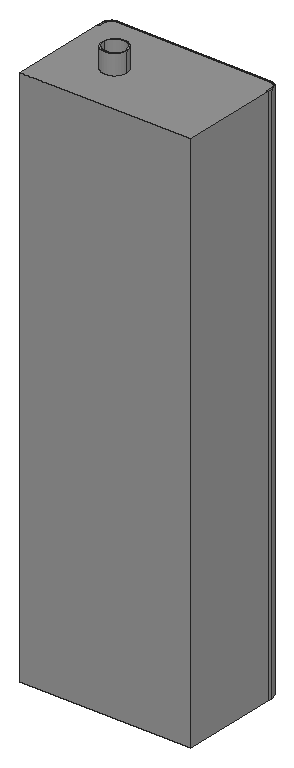
Revit family "ЭВАН WARMOS START 3-14 кВт", category Оборудование, Revit 2019
Family settings
  Размер круглого соединителя = Использовать диаметр
  Классификация = Нет
  Тип детали = Нормальный
  На основе рабочей плоскости = Да
  Всегда вертикально = Да
  При загрузке вырезать с полостями = Нет
  Общий = Нет
  Точка расчета площади = Нет
Parameters (values of type "ЭВАН WARMOS START 9 кВт 380 В")
  Сечение жилы кабеля [instance] = 0.00 m²
  Резьба патрубков для подключения трубопроводов теплоносителя = "G1"  # constant formula
  Потребляемая электрическая мощность при максимальной тепловой мощность  в час, кВт/ч = 9.45
  Default Elevation = 0 mm
  Сила тока [instance] = 20 A
  Материал корпуса = Сталь
  Максимальная температура теплоносителя, оС = "+85"  # constant formula
  Объем колбы котла, л = "1,4"  # constant formula
  Диапазон регулируемых температур теплоносителя, оС = "От +30 до +85"  # constant formula
  Минимальная температура теплоносителя, оС = "+30"  # constant formula
  Рабочее давление, МПа = "0,07-0,3"  # constant formula
  База = "ЭЛЕКТРИЧЕСКИЙ ТЕПЛОГЕНЕРАТОР (КОТЕЛ)"  # constant formula
  URL = ""
  Dn = 25 mm  # constant formula
  ADSK_Расход теплоносителя = 0.0 m³/h
  ADSK_Размер_Ширина = 118 mm  # constant formula
  ADSK_Размер_Длина = 200 mm  # constant formula
  ADSK_Размер_Высота = 590 mm  # constant formula
  ADSK_Примечание [instance] = ""
  ADSK_Полная мощность [instance] = 9 kW
  ADSK_Позиция [instance] = ""
  ADSK_Номинальная мощность = 9000 W
  ADSK_Напряжение [instance] = 380 V
  ADSK_Наименование [instance] = "Электрический теплогенератор (котел) ЭВАН WARMOS START 9 кВт"
  ADSK_Материал = Сталь
  ADSK_Масса_Текст [instance] = "0"
  ADSK_Марка [instance] = ""
  ADSK_Коэффициент мощности [instance] = 1
  ADSK_Количество фаз = 3
  ADSK_Код изделия [instance] = ""
  ADSK_Классификация нагрузок = Прочее
  ADSK_Завод-изготовитель [instance] = "ООО \"ЭВАН\""
  ADSK_Единица измерения [instance] = "шт."  # constant formula
Types (8, lengths in mm): name | Потребляемая электрическая мощность при максимальной тепловой мощность  в час, кВт/ч | Сила тока | ADSK_Полная мощность | ADSK_Номинальная мощность | ADSK_Напряжение | ADSK_Наименование | ADSK_Количество фаз
  ЭВАН WARMOS START 3 кВт | 3.15 | 20 A | 3 kW | 3000 W | 220 V | "Электрический теплогенератор (котел) ЭВАН WARMOS START 3 кВт" | 1
  ЭВАН WARMOS START 5 кВт | 5.25 | 32 A | 5 kW | 5000 W | 220 V | "Электрический теплогенератор (котел) ЭВАН WARMOS START 5 кВт" | 1
  ЭВАН WARMOS START 7 кВт 380 В | 7.35 | 16 A | 7 kW | 7000 W | 380 V | "Электрический теплогенератор (котел) ЭВАН WARMOS START 7 кВт" | 3
  ЭВАН WARMOS START 7 кВт 220 В | 7.35 | 40 A | 7 kW | 7000 W | 220 V | "Электрический теплогенератор (котел) ЭВАН WARMOS START 7 кВт" | 1
  ЭВАН WARMOS START 9 кВт 380 В | 9.45 | 20 A | 9 kW | 9000 W | 380 V | "Электрический теплогенератор (котел) ЭВАН WARMOS START 9 кВт" | 3
  ЭВАН WARMOS START 9 кВт 220 В | 9.45 | 63 A | 9 kW | 9000 W | 220 V | "Электрический теплогенератор (котел) ЭВАН WARMOS START 9 кВт" | 1
  ЭВАН WARMOS START 12 кВт | 12.6 | 25 A | 12 kW | 12000 W | 380 V | "Электрический теплогенератор (котел) ЭВАН WARMOS START 12 кВт" | 3
  ЭВАН WARMOS START 14 кВт | 14.7 | 32 A | 14 kW | 14000 W | 380 V | "Электрический теплогенератор (котел) ЭВАН WARMOS START 14 кВт" | 3
Reference planes
  plane 1 "По центру (Вперед/Назад)": y = 0
  plane 2: z = 3
  plane 3 "По центру (Влево/Вправо)": x = -104.5
  plane 4: x = -191
  plane 5: x = -14
  plane 6: y = 118
  plane 7: z = 570
  plane 8: y = 93
  plane 9: y = 116
  plane 10: y = 156
  plane 11: z = 28
  plane 12: x = -190
  plane 13: x = -15
  plane 14: z = 569
  plane 15: x = -136
  plane 16: x = -15
  plane 17: z = 565.5
  plane 18: z = 299
  plane 19: z = 53.5
  plane 20: z = 18
  plane 21: x = -66
  plane 22: z = 118.5
  plane 23: y = 117
  plane 24: z = 110
  plane 25: y = 54
Forms (mm)
  Extrusion 1, solid, material "Сталь" <- "ADSK_Материал", detail levels medium+fine
    sketch origin (0, 0, 3) x (1, 0, 0) y (0, 1, 0)
      loop
        line (-191, 101) -> (-191, 0) -> (-14, 0) -> (-14, 101) -> (-15, 101) -> (-15, 107.695)
        arc (-15, 107.695) -> (-17.636, 112.364) -> (-22.305, 115) r 10
        line (-22.305, 115) -> (-182.695, 115)
        arc (-182.695, 115) -> (-187.364, 112.364) -> (-190, 107.695) r 10
        line (-190, 107.695) -> (-190, 101) -> (-191, 101)
    from 0 to 567
  Extrusion 2, solid, material "Сталь" <- "ADSK_Материал", detail levels medium+fine
    sketch origin (0, 0, 3) x (1, 0, 0) y (0, 1, 0)
      loop
        arc (-14, 106) -> (-16.929, 113.071) -> (-24, 116) r 10
        line (-24, 116) -> (-181, 116)
        arc (-181, 116) -> (-188.071, 113.071) -> (-191, 106) r 10
        line (-191, 106) -> (-191, 101) -> (-190, 101) -> (-190, 107.695)
        arc (-190, 107.695) -> (-187.364, 112.364) -> (-182.695, 115) r 10
        line (-182.695, 115) -> (-22.305, 115)
        arc (-22.305, 115) -> (-17.636, 112.364) -> (-15, 107.695) r 10
        line (-15, 107.695) -> (-15, 101) -> (-14, 101) -> (-14, 106)
    from 0 to 567
  Extrusion 3, void
    sketch origin (-29, 0, 0) x (1, 0, 0) y (0, 0, 1)
      loop
        circle (-6.5, 556) r 6
      loop
        circle (-136.5, 556) r 6
    from 2 to 0
  Extrusion 4, solid, material "Латунь", detail levels medium+fine
    sketch origin (-214, -23, 87.128) x (0, 0, -1) y (0, 1, 0)
      loop
        circle (-22.872, 77) r 11.5
      loop
        circle (-22.872, 77) r 12.495
    from 0 to 23
  Extrusion 5, solid, material "Никель", detail levels medium+fine
    sketch origin (121, -82.5, 3) x (1, 0, 0) y (0, 1, 0)
      loop
        circle (-170, 126) r 10
    from -2.777 to 0
  Extrusion 6, solid, material "Сталь" <- "ADSK_Материал", detail levels medium+fine
    sketch origin (0, 0, 130) x (1, 0, 0) y (0, 0, 1)
      loop
        line (-89.21, 195.792) -> (-89.21, 118.5) -> (-39.895, 118.5) -> (-39.895, 195.792) -> (-89.21, 195.792)
    from -117 to -116
  Extrusion 7, solid, material "Латунь", detail levels medium+fine
    sketch origin (-47, -23, 552.008) x (-1, 0, 0) y (0, -1, 0)
      loop
        circle (89, -77) r 11.5
      loop
        circle (89, -77) r 12.547
    from 17.992 to 38
  Extrusion 8, solid, material "Сталь" <- "ADSK_Материал", detail levels medium+fine
    sketch origin (0, 0, 115) x (1, 0, 0) y (0, 0, 1)
      loop
        line (-59.895, 153.339) -> (-59.895, 140.792) -> (-49.895, 140.792) -> (-49.895, 153.339) -> (-59.895, 153.339)
      loop
        line (-69.21, 153.339) -> (-79.21, 153.339) -> (-79.21, 140.792) -> (-69.21, 140.792) -> (-69.21, 153.339)
      loop
        circle (-64.552, 187.042) r 10
    from -118 to -117
Lines and regions (mm)
  symbolic lines
    curve 1: line (-60, 0, 18) -> (-60, 0, -27)
    curve 2: line (-132, 0, 53.5) -> (-132, 0, -27)
Dimensions and locks
  "ADSK_Размер_Длина": Extrusion 4 to plane 5
  "ADSK_Размер_Ширина": plane 6 to plane 1 "По центру (Вперед/Назад)"  (x2)
  plane 7 to Extrusion 5 = 569.777 mm
  locked: plane 6 to plane 8 at 25
  locked: plane 6 to plane 9 at 2
  plane 1 "По центру (Вперед/Назад)" to plane 10 = 156 mm
  plane 11 to plane 2 = 25 mm
  plane 13 to plane 5 = 1 mm
  plane 4 to plane 12 = 1 mm
  plane 7 to plane 14 = 1 mm
  Extrusion 4 to plane 15 = 78 mm
  equal spacing: plane 11, plane 18, plane 7
  locked: plane 2 to plane 11 at 25
  plane 10 to plane 1 "По центру (Вперед/Назад)" = 156 mm
  locked: plane 20 to plane 11 at 10
  plane 4 to plane 15 to plane 5 = 55 mm, 122 mm
  plane 5 to plane 4 = 177 mm  (x2)
  Extrusion 3 sketch curve to Extrusion 3 sketch curve = 130 mm
  Extrusion 7 to Extrusion 5 = 589.784 mm
  plane 16 to plane 4 = 176 mm
  plane 5 to Extrusion 4 = 200 mm
  Extrusion 5 to Extrusion 2 = 569.777 mm
  plane 6 to plane 1 "По центру (Вперед/Назад)" = 118 mm
  plane 25 to plane 1 "По центру (Вперед/Назад)" = 54 mm
  plane 24 to level = 107 mm
  Extrusion 1 to plane 15 = 55 mm
  diameter of Extrusion 4 sketch curve = 23 mm
  diameter of Extrusion 5 sketch curve = 20 mm
  diameter of Extrusion 7 sketch curve = 23 mm
  aligned and locked: level to plane 2
  aligned and locked: plane 4 to Extrusion 1 sketch curve
  aligned and locked: Extrusion 1 sketch curve to plane 1 "По центру (Вперед/Назад)"
  aligned and locked: Extrusion 1 sketch curve to plane 5
  aligned and locked: plane 7 to Extrusion 1
  aligned and locked: Extrusion 2 sketch curve to plane 5
  aligned and locked: Extrusion 2 sketch curve to plane 4
  aligned and locked: Extrusion 2 sketch curve to plane 9
  aligned and locked: plane 1 "По центру (Вперед/Назад)" to Extrusion 3
  aligned and locked: Extrusion 6 to plane 9
Automatic sketch dimensions
  curve 2 to plane 19 = 0 mm
  curve 1 to plane 20 = 0 mm
  curve 2 to plane 15 = 4 mm
  plane 21 to curve 1 = 6 mm
  curve 2 to level = 30 mm
  curve 1 to level = 30 mm
  Extrusion 1 sketch curve to plane 12 = 0 mm
  Extrusion 1 sketch curve to plane 13 = 0 mm
  Extrusion 1 sketch curve to plane 9 = 1 mm
  plane 12 to Extrusion 1 sketch curve = 7.305 mm
  plane 12 to Extrusion 1 sketch curve = 9.707 mm
  Extrusion 1 sketch curve to plane 13 = 9.707 mm
  Extrusion 1 sketch curve to plane 13 = 7.305 mm
  plane 8 to Extrusion 1 sketch curve = 8 mm  (x2)
  Extrusion 1 sketch curve to Extrusion 1 sketch curve = 9.707 mm  (x2)
  Extrusion 2 sketch curve to plane 12 = 0 mm
  Extrusion 2 sketch curve to plane 13 = 0 mm
  Extrusion 2 sketch curve to plane 9 = 1 mm
  plane 12 to Extrusion 2 sketch curve = 7.305 mm
  Extrusion 2 sketch curve to Extrusion 2 sketch curve = 1.695 mm  (x2)
  Extrusion 2 sketch curve to Extrusion 2 sketch curve = 0.707 mm  (x3)
  Extrusion 2 sketch curve to plane 13 = 9.707 mm
  Extrusion 2 sketch curve to plane 13 = 9 mm
  Extrusion 2 sketch curve to Extrusion 2 sketch curve = 5 mm  (x2)
  Extrusion 3 sketch curve to plane 17 = 9.5 mm  (x2)
  plane 12 to Extrusion 3 sketch curve = 24.5 mm
  Extrusion 3 sketch curve to plane 13 = 20.5 mm
  Extrusion 4 sketch curve to Extrusion 4 sketch curve = 0 mm  (x2)
  Extrusion 4 sketch curve to plane 24 = 0 mm
  plane 25 to Extrusion 4 sketch curve = 0 mm
  plane 21 to Extrusion 5 sketch curve = 17 mm
  Extrusion 5 sketch curve to plane 25 = 10.5 mm
  plane 3 "По центру (Влево/Вправо)" to Extrusion 6 sketch curve = 15.29 mm
  Extrusion 6 sketch curve to plane 13 = 24.895 mm
  Extrusion 6 sketch curve to plane 18 = 50.5 mm
  plane 18 to Extrusion 6 sketch curve = 26.792 mm
  Extrusion 7 sketch curve to Extrusion 7 sketch curve = 0 mm  (x2)
  Extrusion 7 sketch curve to plane 15 = 0 mm
  Extrusion 7 sketch curve to plane 25 = 0 mm
  Extrusion 8 sketch curve to plane 21 = 13.21 mm
  Extrusion 8 sketch curve to plane 21 = 3.21 mm
  plane 21 to Extrusion 8 sketch curve = 1.448 mm
  plane 21 to Extrusion 8 sketch curve = 6.105 mm
  Extrusion 8 sketch curve to Extrusion 8 sketch curve = 10 mm
  Extrusion 8 sketch curve to plane 18 = 43.208 mm
  Extrusion 8 sketch curve to Extrusion 8 sketch curve = 0 mm
  Extrusion 8 sketch curve to Extrusion 8 sketch curve = 12.546 mm  (x2)
  plane 18 to Extrusion 8 sketch curve = 3.042 mm
  radius of Extrusion 3 sketch curve = 6 mm  (x2)
  radius of Extrusion 4 sketch curve = 12.495 mm
  radius of Extrusion 7 sketch curve = 12.547 mm
  radius of Extrusion 8 sketch curve = 10 mm
Connectors
  electrical at (-49, 43.5, 0.223), driven by "ADSK_Количество фаз", driven by "ADSK_Классификация нагрузок", driven by "ADSK_Напряжение", driven by "ADSK_Полная мощность", driven by "ADSK_Коэффициент мощности"
    settings: on Extrusion 5, index 3, voltage 380 V, apparent load 9 kW, apparent load phase1 0 kW, apparent load phase2 0 kW, apparent load phase3 0 kW, power factor 1, load classification "Прочее", number of poles 3, system type 30, power factor state 1, is connector primary yes, connector utility no, sub classification motor no, connector description ""
  cabletrayconduit at (-49, 43.5, 0.223), diameter 20
    settings: on Extrusion 5, index 4, connector width 300 mm, connector height 300 mm, connector angle 0.00°, system type 32, placement type 0, profile type 0, connector reference index -1, is primary connector yes, connector utility param no, connector description ""
  piping at (-136, 54, 570), diameter 25, driven by "Dn", driven by "ADSK_Расход теплоносителя"
    settings: on Extrusion 7, index 6, connector inside diameter 609.6 mm, connector length 0 mm, flow factor 0, pipe flow 0.0 m³/h, pressure drop 0.0 MPa, fitting loss kfactor 0, connector angle 0.00°, fixture units 0, engagement length 0 mm, angle of deflection 0.00°, flow configuration 0, flow direction 2, fitting loss method 0, system type 8, joint type 0, gender type 0, connector reference index -1, connector utility 0, adjustable connector no, is connector primary yes, connector description ""
  piping at (-191, 54, 110), diameter 25, driven by "Dn"
    settings: on Extrusion 4, index 7, connector inside diameter 609.6 mm, connector length 0 mm, flow factor 0, pipe flow 0.0 m³/h, pressure drop 0.0 MPa, fitting loss kfactor 0, connector angle 0.00°, fixture units 0, engagement length 0 mm, angle of deflection 0.00°, flow configuration 0, flow direction 0, fitting loss method 0, system type 7, joint type 0, gender type 0, connector reference index -1, connector utility 0, adjustable connector no, is connector primary no, connector description ""
